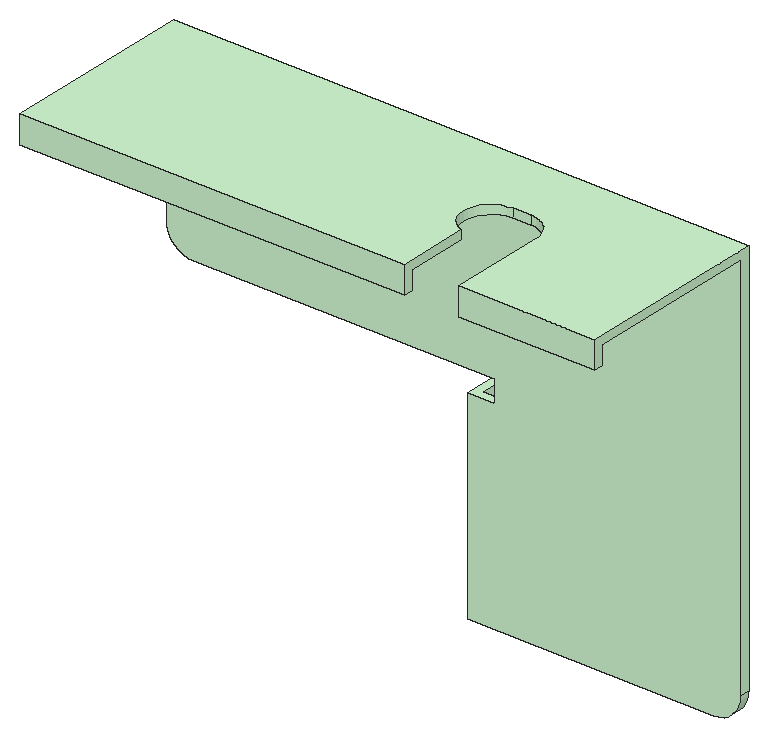
Revit family "brace-kanagu_rp", category 機械設備, Revit 2022
Family settings
  丸型コネクタ寸法 = 直径を使用
  種別 = なし
  パーツ タイプ = 標準
  作業面ベース = いいえ
  常に垂直 = はい
  ロード時にボイドで切り取り = いいえ
  注釈の向きを維持 = いいえ
  共有 = いいえ
  部屋計算ポイント = いいえ
Parameters
  製造元 = "株式会社桐井製作所"
  既定の高さ = 0 mm
  URL = "https://www.kirii.co.jp/"
  K_板厚(mm) = 1.6 mm
  K_品名 = "ブレース金具RP"
  K_名称 = "斜め部材(ブレース)下部取付金具"
  K_入数 = "90"
  K_バージョン情報 = "20211216"
Reference planes
  plane 1 "中心(正面/背面)": y = 0
  plane 2: z = 0
  plane 3 "中心(左/右)": x = 0
Forms (mm)
  Extrusion 1, solid
    sketch origin (0, 0, 0) x (0, 1, 0) y (0, 0, 1)
      loop
        line (-31.8, 0) -> (0, 0) -> (0, -76.4) -> (1.6, -76.4) -> (1.6, 1.6) -> (-33.4, 1.6) -> (-33.4, -3.4) -> (-31.8, -3.4) -> (-31.8, 0)
    from 0 to 105
  Extrusion 2, void
    sketch origin (105, 0, 0) x (-1, 0, 0) y (0, 0, -1)
      loop
        line (105, 76.4) -> (50, 76.4) -> (50, 39.4) -> (45, 39.4) -> (45, 35.4) -> (105, 35.4) -> (105, 39.4) -> (105, 76.4)
    from -1.6 to 0
  Extrusion 3, solid
    sketch origin (55, 0, 0) x (0, 1, 0) y (0, 0, 1)
      loop
        line (23, -39.4) -> (1.6, -39.4) -> (1.6, -76.4) -> (23, -76.4) -> (23, -39.4)
      loop
        circle (15, -51.4) r 2
      loop
        circle (15, -64.4) r 2
    from 0 to 1.6
  Extrusion 4, void
    sketch origin (6.6, 0, 0) x (0, 1, 0) y (0, 0, 1)
      loop
        line (23, -40.4) -> (23, -39.4) -> (22, -39.4)
        arc (22, -39.4) -> (22.707, -39.693) -> (23, -40.4) r 1
      loop
        line (22, -76.4) -> (23, -76.4) -> (23, -75.4)
        arc (23, -75.4) -> (22.707, -76.107) -> (22, -76.4) r 1
    from 48.4 to 50
  Extrusion 5, void
    sketch origin (105, 0, 0) x (-1, 0, 0) y (0, 0, -1)
      loop
        arc (0, 71.4) -> (1.464, 74.936) -> (5, 76.4) r 5
        line (5, 76.4) -> (0, 76.4) -> (0, 71.4)
      loop
        arc (100, 35.4) -> (103.536, 33.936) -> (105, 30.4) r 5
        line (105, 30.4) -> (105, 35.4) -> (100, 35.4)
    from -1.6 to 0
  Extrusion 6, void
    sketch origin (147.2, 0, 0) x (-1, 0, 0) y (0, -1, 0)
      loop
        line (67, 33.4) -> (67, 15.9)
        arc (67, 15.9) -> (68.464, 12.364) -> (72, 10.9) r 5
        line (72, 10.9) -> (75.2, 10.9)
        arc (75.2, 10.9) -> (80.115, 14.985) -> (77, 20.565) r 5
        line (77, 20.565) -> (77, 33.4) -> (67, 33.4)
    from -3.4 to 1.6
Cuts and joins
  Extrusion 2, Extrusion 5, Extrusion 6 cuts Extrusion 1
  Extrusion 4 cuts Extrusion 3
  joined: Extrusion 1, Extrusion 3
Dimensions and locks
  aligned and locked: level to plane 2
